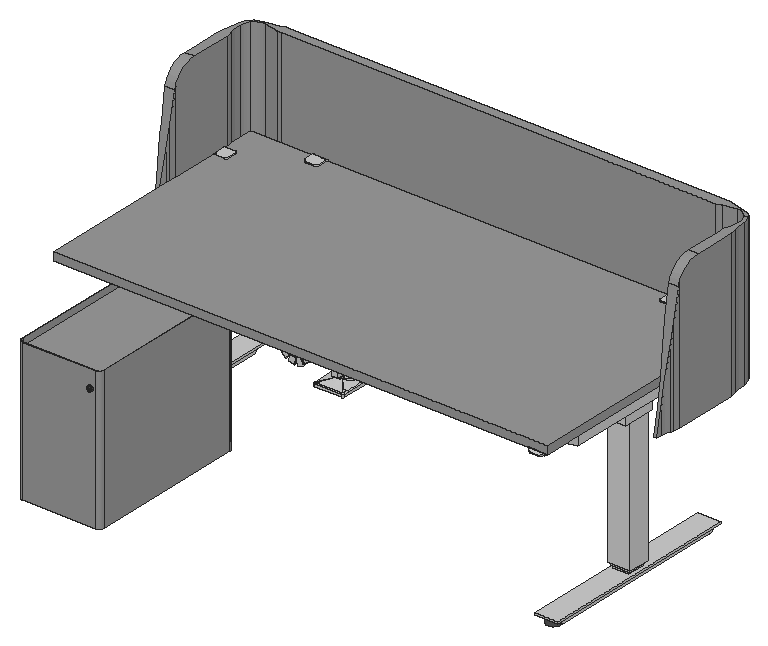
Revit family "Haworth_HiYa_MotorDriven_Rectangle_Desk_EU_PRELIMINARY", category Furniture Systems, Revit 2018 (continued)
Definition of nested family "Haworth_CableChain_PART"
  Forms (cm)
    Extrusion 25, solid, material <- "Cable Finish"
      sketch origin (-9.6866, 0, -45.4471) x (1, 0, 0) y (0, 1, 0)
        loop
          arc (-30.2834, 8.1035) -> (-29.7912, 8.4282) -> (-29.7561, 9.0168) r 0.6587
          line (-29.7561, 9.0168) -> (-29.2212, 9.3641) -> (-29.2212, 11.1583) -> (-31.4914, 11.1583) -> (-31.4914, 9.0168) -> (-31.2731, 9.0168) -> (-31.2731, 10.94) -> (-29.4395, 10.94) -> (-29.4395, 9.4826) -> (-29.8756, 9.1995)
          arc (-29.8756, 9.1995) -> (-30.0829, 9.3502) -> (-30.3323, 9.4092) r 0.6506
          arc (-30.3323, 9.4092) -> (-30.8947, 9.1248) -> (-30.9565, 8.4975) r 0.6547
          line (-30.9565, 8.4975) -> (-31.4914, 8.1501) -> (-31.4914, 6.356)
        loop
          line (-30.7108, 8.3818) -> (-30.0071, 8.3818) -> (-30.0071, 9.114) -> (-30.7108, 9.114) -> (-30.7108, 8.3818)
      from 58.8372 to 60.9328
    Extrusion 26, solid, material <- "Cable Finish"
      sketch origin (-9.6866, 0, -48.1702) x (1, 0, 0) y (0, 1, 0)
        loop
          line (-31.4914, 6.356) -> (-29.2212, 6.356) -> (-29.2212, 8.4975) -> (-29.4395, 8.4975) -> (-29.4395, 6.5743) -> (-31.2731, 6.5743) -> (-31.2731, 8.0316) -> (-30.8348, 8.3162) -> (-30.7166, 8.3162)
          arc (-30.7166, 8.3162) -> (-30.5227, 8.1637) -> (-30.2834, 8.1035) r 0.5925
          arc (-30.2834, 8.1035) -> (-29.7912, 8.4282) -> (-29.7561, 9.0168) r 0.6587
          line (-29.7561, 9.0168) -> (-29.2212, 9.3641) -> (-29.2212, 11.1583) -> (-31.4914, 11.1583) -> (-31.4914, 9.0168) -> (-31.2731, 9.0168) -> (-31.2731, 10.94) -> (-29.4395, 10.94) -> (-29.4395, 9.4826) -> (-29.8756, 9.1995)
          arc (-29.8756, 9.1995) -> (-30.0829, 9.3502) -> (-30.3323, 9.4092) r 0.6506
          arc (-30.3323, 9.4092) -> (-30.8947, 9.1248) -> (-30.9565, 8.4975) r 0.6547
          line (-30.9565, 8.4975) -> (-31.4914, 8.1501) -> (-31.4914, 6.356)
        loop
          line (-30.7108, 8.3818) -> (-30.0071, 8.3818) -> (-30.0071, 9.114) -> (-30.7108, 9.114) -> (-30.7108, 8.3818)
      from 58.8372 to 60.9328
    Extrusion 27, solid, material <- "Cable Finish"
      sketch origin (-19.3914, 0, -40.842) x (1, 0, 0) y (0, 1, 0)
        loop
          line (-31.4914, 6.356) -> (-29.2212, 6.356) -> (-29.2212, 8.4975) -> (-29.4395, 8.4975) -> (-29.4395, 6.5743) -> (-31.2731, 6.5743) -> (-31.2731, 8.0316) -> (-30.8348, 8.3162) -> (-30.7166, 8.3162)
          arc (-30.7166, 8.3162) -> (-30.5227, 8.1637) -> (-30.2834, 8.1035) r 0.5925
          arc (-30.2834, 8.1035) -> (-29.7912, 8.4282) -> (-29.7561, 9.0168) r 0.6587
          line (-29.7561, 9.0168) -> (-29.2212, 9.3641) -> (-29.2212, 11.1583) -> (-31.4914, 11.1583) -> (-31.4914, 9.0168) -> (-31.2731, 9.0168) -> (-31.2731, 10.94) -> (-29.4395, 10.94) -> (-29.4395, 9.4826) -> (-29.8756, 9.1995)
          arc (-29.8756, 9.1995) -> (-30.0829, 9.3502) -> (-30.3323, 9.4092) r 0.6506
          arc (-30.3323, 9.4092) -> (-30.8947, 9.1248) -> (-30.9565, 8.4975) r 0.6547
          line (-30.9565, 8.4975) -> (-31.4914, 8.1501) -> (-31.4914, 6.356)
        loop
          line (-30.7108, 8.3818) -> (-30.0071, 8.3818) -> (-30.0071, 9.114) -> (-30.7108, 9.114) -> (-30.7108, 8.3818)
      from 58.8372 to 60.9328
    Extrusion 28, solid, material <- "Cable Finish"
      sketch origin (-19.3914, 0, -43.5651) x (1, 0, 0) y (0, 1, 0)
        loop
          line (-31.4914, 6.356) -> (-29.2212, 6.356) -> (-29.2212, 8.4975) -> (-29.4395, 8.4975) -> (-29.4395, 6.5743) -> (-31.2731, 6.5743) -> (-31.2731, 8.0316) -> (-30.8348, 8.3162) -> (-30.7166, 8.3162)
          arc (-30.7166, 8.3162) -> (-30.5227, 8.1637) -> (-30.2834, 8.1035) r 0.5925
          arc (-30.2834, 8.1035) -> (-29.7912, 8.4282) -> (-29.7561, 9.0168) r 0.6587
          line (-29.7561, 9.0168) -> (-29.2212, 9.3641) -> (-29.2212, 11.1583) -> (-31.4914, 11.1583) -> (-31.4914, 9.0168) -> (-31.2731, 9.0168) -> (-31.2731, 10.94) -> (-29.4395, 10.94) -> (-29.4395, 9.4826) -> (-29.8756, 9.1995)
          arc (-29.8756, 9.1995) -> (-30.0829, 9.3502) -> (-30.3323, 9.4092) r 0.6506
          arc (-30.3323, 9.4092) -> (-30.8947, 9.1248) -> (-30.9565, 8.4975) r 0.6547
          line (-30.9565, 8.4975) -> (-31.4914, 8.1501) -> (-31.4914, 6.356)
        loop
          line (-30.7108, 8.3818) -> (-30.0071, 8.3818) -> (-30.0071, 9.114) -> (-30.7108, 9.114) -> (-30.7108, 8.3818)
      from 58.8372 to 60.9328
    Extrusion 29, solid, material <- "Cable Finish"
      sketch origin (-19.3914, 0, -46.3088) x (1, 0, 0) y (0, 1, 0)
        loop
          line (-31.4914, 6.356) -> (-29.2212, 6.356) -> (-29.2212, 8.4975) -> (-29.4395, 8.4975) -> (-29.4395, 6.5743) -> (-31.2731, 6.5743) -> (-31.2731, 8.0316) -> (-30.8348, 8.3162) -> (-30.7166, 8.3162)
          arc (-30.7166, 8.3162) -> (-30.5227, 8.1637) -> (-30.2834, 8.1035) r 0.5925
          arc (-30.2834, 8.1035) -> (-29.7912, 8.4282) -> (-29.7561, 9.0168) r 0.6587
          line (-29.7561, 9.0168) -> (-29.2212, 9.3641) -> (-29.2212, 11.1583) -> (-31.4914, 11.1583) -> (-31.4914, 9.0168) -> (-31.2731, 9.0168) -> (-31.2731, 10.94) -> (-29.4395, 10.94) -> (-29.4395, 9.4826) -> (-29.8756, 9.1995)
          arc (-29.8756, 9.1995) -> (-30.0829, 9.3502) -> (-30.3323, 9.4092) r 0.6506
          arc (-30.3323, 9.4092) -> (-30.8947, 9.1248) -> (-30.9565, 8.4975) r 0.6547
          line (-30.9565, 8.4975) -> (-31.4914, 8.1501) -> (-31.4914, 6.356)
        loop
          line (-30.7108, 8.3818) -> (-30.0071, 8.3818) -> (-30.0071, 9.114) -> (-30.7108, 9.114) -> (-30.7108, 8.3818)
      from 58.8372 to 60.9328
    Extrusion 30, solid, material <- "Cable Finish"
      sketch origin (-19.3915, 0, -49.0319) x (1, 0, 0) y (0, 1, 0)
        loop
          line (-31.4914, 6.356) -> (-29.2212, 6.356) -> (-29.2212, 8.4975) -> (-29.4395, 8.4975) -> (-29.4395, 6.5743) -> (-31.2731, 6.5743) -> (-31.2731, 8.0316) -> (-30.8348, 8.3162) -> (-30.7166, 8.3162)
          arc (-30.7166, 8.3162) -> (-30.5227, 8.1637) -> (-30.2834, 8.1035) r 0.5925
          arc (-30.2834, 8.1035) -> (-29.7912, 8.4282) -> (-29.7561, 9.0168) r 0.6587
          line (-29.7561, 9.0168) -> (-29.2212, 9.3641) -> (-29.2212, 11.1583) -> (-31.4914, 11.1583) -> (-31.4914, 9.0168) -> (-31.2731, 9.0168) -> (-31.2731, 10.94) -> (-29.4395, 10.94) -> (-29.4395, 9.4826) -> (-29.8756, 9.1995)
          arc (-29.8756, 9.1995) -> (-30.0829, 9.3502) -> (-30.3323, 9.4092) r 0.6506
          arc (-30.3323, 9.4092) -> (-30.8947, 9.1248) -> (-30.9565, 8.4975) r 0.6547
          line (-30.9565, 8.4975) -> (-31.4914, 8.1501) -> (-31.4914, 6.356)
        loop
          line (-30.7108, 8.3818) -> (-30.0071, 8.3818) -> (-30.0071, 9.114) -> (-30.7108, 9.114) -> (-30.7108, 8.3818)
      from 58.8372 to 60.9328
    Extrusion 31, solid, material <- "Cable Finish"
      sketch origin (-19.3914, 0, -51.755) x (1, 0, 0) y (0, 1, 0)
        loop
          line (-31.4914, 6.356) -> (-29.2212, 6.356) -> (-29.2212, 8.4975) -> (-29.4395, 8.4975) -> (-29.4395, 6.5743) -> (-31.2731, 6.5743) -> (-31.2731, 8.0316) -> (-30.8348, 8.3162) -> (-30.7166, 8.3162)
          arc (-30.7166, 8.3162) -> (-30.5227, 8.1637) -> (-30.2834, 8.1035) r 0.5925
          arc (-30.2834, 8.1035) -> (-29.7912, 8.4282) -> (-29.7561, 9.0168) r 0.6587
          line (-29.7561, 9.0168) -> (-29.2212, 9.3641) -> (-29.2212, 11.1583) -> (-31.4914, 11.1583) -> (-31.4914, 9.0168) -> (-31.2731, 9.0168) -> (-31.2731, 10.94) -> (-29.4395, 10.94) -> (-29.4395, 9.4826) -> (-29.8756, 9.1995)
          arc (-29.8756, 9.1995) -> (-30.0829, 9.3502) -> (-30.3323, 9.4092) r 0.6506
          arc (-30.3323, 9.4092) -> (-30.8947, 9.1248) -> (-30.9565, 8.4975) r 0.6547
          line (-30.9565, 8.4975) -> (-31.4914, 8.1501) -> (-31.4914, 6.356)
        loop
          line (-30.7108, 8.3818) -> (-30.0071, 8.3818) -> (-30.0071, 9.114) -> (-30.7108, 9.114) -> (-30.7108, 8.3818)
      from 58.8372 to 60.9328
    Extrusion 32, solid, material <- "Cable Finish"
      sketch origin (-19.3915, 0, -54.4781) x (1, 0, 0) y (0, 1, 0)
        loop
          line (-31.4914, 6.356) -> (-29.2212, 6.356) -> (-29.2212, 8.4975) -> (-29.4395, 8.4975) -> (-29.4395, 6.5743) -> (-31.2731, 6.5743) -> (-31.2731, 8.0316) -> (-30.8348, 8.3162) -> (-30.7166, 8.3162)
          arc (-30.7166, 8.3162) -> (-30.5227, 8.1637) -> (-30.2834, 8.1035) r 0.5925
          arc (-30.2834, 8.1035) -> (-29.7912, 8.4282) -> (-29.7561, 9.0168) r 0.6587
          line (-29.7561, 9.0168) -> (-29.2212, 9.3641) -> (-29.2212, 11.1583) -> (-31.4914, 11.1583) -> (-31.4914, 9.0168) -> (-31.2731, 9.0168) -> (-31.2731, 10.94) -> (-29.4395, 10.94) -> (-29.4395, 9.4826) -> (-29.8756, 9.1995)
          arc (-29.8756, 9.1995) -> (-30.0829, 9.3502) -> (-30.3323, 9.4092) r 0.6506
          arc (-30.3323, 9.4092) -> (-30.8947, 9.1248) -> (-30.9565, 8.4975) r 0.6547
          line (-30.9565, 8.4975) -> (-31.4914, 8.1501) -> (-31.4914, 6.356)
        loop
          line (-30.7108, 8.3818) -> (-30.0071, 8.3818) -> (-30.0071, 9.114) -> (-30.7108, 9.114) -> (-30.7108, 8.3818)
      from 58.8372 to 60.9328
    Extrusion 33, solid, material <- "Cable Finish"
      sketch origin (-19.3795, 0, -35.4644) x (1, 0, 0) y (0, 1, 0)
        loop
          line (-31.4914, 6.356) -> (-29.2212, 6.356) -> (-29.2212, 8.4975) -> (-29.4395, 8.4975) -> (-29.4395, 6.5743) -> (-31.2731, 6.5743) -> (-31.2731, 8.0316) -> (-30.8348, 8.3162) -> (-30.7166, 8.3162)
          arc (-30.7166, 8.3162) -> (-30.5227, 8.1637) -> (-30.2834, 8.1035) r 0.5925
          arc (-30.2834, 8.1035) -> (-29.7912, 8.4282) -> (-29.7561, 9.0168) r 0.6587
          line (-29.7561, 9.0168) -> (-29.2212, 9.3641) -> (-29.2212, 11.1583) -> (-31.4914, 11.1583) -> (-31.4914, 9.0168) -> (-31.2731, 9.0168) -> (-31.2731, 10.94) -> (-29.4395, 10.94) -> (-29.4395, 9.4826) -> (-29.8756, 9.1995)
          arc (-29.8756, 9.1995) -> (-30.0829, 9.3502) -> (-30.3323, 9.4092) r 0.6506
          arc (-30.3323, 9.4092) -> (-30.8947, 9.1248) -> (-30.9565, 8.4975) r 0.6547
          line (-30.9565, 8.4975) -> (-31.4914, 8.1501) -> (-31.4914, 6.356)
        loop
          line (-30.7108, 8.3818) -> (-30.0071, 8.3818) -> (-30.0071, 9.114) -> (-30.7108, 9.114) -> (-30.7108, 8.3818)
      from 58.8372 to 60.9328
    Extrusion 34, solid, material <- "Cable Finish"
      sketch origin (-19.3795, 0, -38.1875) x (1, 0, 0) y (0, 1, 0)
        loop
          line (-31.4914, 6.356) -> (-29.2212, 6.356) -> (-29.2212, 8.4975) -> (-29.4395, 8.4975) -> (-29.4395, 6.5743) -> (-31.2731, 6.5743) -> (-31.2731, 8.0316) -> (-30.8348, 8.3162) -> (-30.7166, 8.3162)
          arc (-30.7166, 8.3162) -> (-30.5227, 8.1637) -> (-30.2834, 8.1035) r 0.5925
          arc (-30.2834, 8.1035) -> (-29.7912, 8.4282) -> (-29.7561, 9.0168) r 0.6587
          line (-29.7561, 9.0168) -> (-29.2212, 9.3641) -> (-29.2212, 11.1583) -> (-31.4914, 11.1583) -> (-31.4914, 9.0168) -> (-31.2731, 9.0168) -> (-31.2731, 10.94) -> (-29.4395, 10.94) -> (-29.4395, 9.4826) -> (-29.8756, 9.1995)
          arc (-29.8756, 9.1995) -> (-30.0829, 9.3502) -> (-30.3323, 9.4092) r 0.6506
          arc (-30.3323, 9.4092) -> (-30.8947, 9.1248) -> (-30.9565, 8.4975) r 0.6547
          line (-30.9565, 8.4975) -> (-31.4914, 8.1501) -> (-31.4914, 6.356)
        loop
          line (-30.7108, 8.3818) -> (-30.0071, 8.3818) -> (-30.0071, 9.114) -> (-30.7108, 9.114) -> (-30.7108, 8.3818)
      from 58.8372 to 60.9328
    Extrusion 35, solid, material <- "Cable Finish"
      sketch origin (-57.4915, 0, 93.765) x (-0.939693, 0, 0.34202) y (0, 1, 0)
        loop
          line (-31.4914, 6.356) -> (-29.2212, 6.356) -> (-29.2212, 8.4975) -> (-29.4395, 8.4975) -> (-29.4395, 6.5743) -> (-31.2731, 6.5743) -> (-31.2731, 8.0316) -> (-30.8348, 8.3162) -> (-30.7166, 8.3162)
          arc (-30.7166, 8.3162) -> (-30.5227, 8.1637) -> (-30.2834, 8.1035) r 0.5925
          arc (-30.2834, 8.1035) -> (-29.7912, 8.4282) -> (-29.7561, 9.0168) r 0.6587
          line (-29.7561, 9.0168) -> (-29.2212, 9.3641) -> (-29.2212, 11.1583) -> (-31.4914, 11.1583) -> (-31.4914, 9.0168) -> (-31.2731, 9.0168) -> (-31.2731, 10.94) -> (-29.4395, 10.94) -> (-29.4395, 9.4826) -> (-29.8756, 9.1995)
          arc (-29.8756, 9.1995) -> (-30.0829, 9.3502) -> (-30.3323, 9.4092) r 0.6506
          arc (-30.3323, 9.4092) -> (-30.8947, 9.1248) -> (-30.9565, 8.4975) r 0.6547
          line (-30.9565, 8.4975) -> (-31.4914, 8.1501) -> (-31.4914, 6.356)
        loop
          line (-30.7108, 8.3818) -> (-30.0071, 8.3818) -> (-30.0071, 9.114) -> (-30.7108, 9.114) -> (-30.7108, 8.3818)
      from 58.8372 to 60.9328
    Extrusion 36, solid, material <- "Cable Finish"
      sketch origin (-45.6328, 0, 94.8873) x (0.857167, 0, 0.515038) y (0, -1, 0)
        loop
          line (-31.4914, -6.356) -> (-31.4914, -8.1501) -> (-30.9565, -8.4975)
          arc (-30.9565, -8.4975) -> (-30.8947, -9.1248) -> (-30.3323, -9.4092) r 0.6547
          arc (-30.3323, -9.4092) -> (-30.0829, -9.3502) -> (-29.8756, -9.1995) r 0.6506
          line (-29.8756, -9.1995) -> (-29.4395, -9.4826) -> (-29.4395, -10.94) -> (-31.2731, -10.94) -> (-31.2731, -9.0168) -> (-31.4914, -9.0168) -> (-31.4914, -11.1583) -> (-29.2212, -11.1583) -> (-29.2212, -9.3641) -> (-29.7561, -9.0168)
          arc (-29.7561, -9.0168) -> (-29.7912, -8.4282) -> (-30.2834, -8.1035) r 0.6587
          arc (-30.2834, -8.1035) -> (-30.5227, -8.1637) -> (-30.7166, -8.3162) r 0.5925
          line (-30.7166, -8.3162) -> (-30.8348, -8.3162) -> (-31.2731, -8.0316) -> (-31.2731, -6.5743) -> (-29.4395, -6.5743) -> (-29.4395, -8.4975) -> (-29.2212, -8.4975) -> (-29.2212, -6.356) -> (-31.4914, -6.356)
        loop
          line (-30.7108, -8.3818) -> (-30.7108, -9.114) -> (-30.0071, -9.114) -> (-30.0071, -8.3818) -> (-30.7108, -8.3818)
      from 58.8372 to 60.9328
    Extrusion 37, solid, material <- "Cable Finish"
      sketch origin (-20.0024, 0, 90.373) x (-0.623858, 0, 0.781538) y (0, 1, 0)
        loop
          line (-31.4914, 6.356) -> (-29.2212, 6.356) -> (-29.2212, 8.4975) -> (-29.4395, 8.4975) -> (-29.4395, 6.5743) -> (-31.2731, 6.5743) -> (-31.2731, 8.0316) -> (-30.8348, 8.3162) -> (-30.7166, 8.3162)
          arc (-30.7166, 8.3162) -> (-30.5227, 8.1637) -> (-30.2834, 8.1035) r 0.5925
          arc (-30.2834, 8.1035) -> (-29.7912, 8.4282) -> (-29.7561, 9.0168) r 0.6587
          line (-29.7561, 9.0168) -> (-29.2212, 9.3641) -> (-29.2212, 11.1583) -> (-31.4914, 11.1583) -> (-31.4914, 9.0168) -> (-31.2731, 9.0168) -> (-31.2731, 10.94) -> (-29.4395, 10.94) -> (-29.4395, 9.4826) -> (-29.8756, 9.1995)
          arc (-29.8756, 9.1995) -> (-30.0829, 9.3502) -> (-30.3323, 9.4092) r 0.6506
          arc (-30.3323, 9.4092) -> (-30.8947, 9.1248) -> (-30.9565, 8.4975) r 0.6547
          line (-30.9565, 8.4975) -> (-31.4914, 8.1501) -> (-31.4914, 6.356)
        loop
          line (-30.7108, 8.3818) -> (-30.0071, 8.3818) -> (-30.0071, 9.114) -> (-30.7108, 9.114) -> (-30.7108, 8.3818)
      from 58.8372 to 60.9328
    Extrusion 38, solid, material <- "Cable Finish"
      sketch origin (-80.9365, 0, 85.0021) x (0.476505, 0, 0.879172) y (0, -1, 0)
        loop
          line (-31.4914, -6.356) -> (-31.4914, -8.1501) -> (-30.9565, -8.4975)
          arc (-30.9565, -8.4975) -> (-30.8947, -9.1248) -> (-30.3323, -9.4092) r 0.6547
          arc (-30.3323, -9.4092) -> (-30.0829, -9.3502) -> (-29.8756, -9.1995) r 0.6506
          line (-29.8756, -9.1995) -> (-29.4395, -9.4826) -> (-29.4395, -10.94) -> (-31.2731, -10.94) -> (-31.2731, -9.0168) -> (-31.4914, -9.0168) -> (-31.4914, -11.1583) -> (-29.2212, -11.1583) -> (-29.2212, -9.3641) -> (-29.7561, -9.0168)
          arc (-29.7561, -9.0168) -> (-29.7912, -8.4282) -> (-30.2834, -8.1035) r 0.6587
          arc (-30.2834, -8.1035) -> (-30.5227, -8.1637) -> (-30.7166, -8.3162) r 0.5925
          line (-30.7166, -8.3162) -> (-30.8348, -8.3162) -> (-31.2731, -8.0316) -> (-31.2731, -6.5743) -> (-29.4395, -6.5743) -> (-29.4395, -8.4975) -> (-29.2212, -8.4975) -> (-29.2212, -6.356) -> (-31.4914, -6.356)
        loop
          line (-30.7108, -8.3818) -> (-30.7108, -9.114) -> (-30.0071, -9.114) -> (-30.0071, -8.3818) -> (-30.7108, -8.3818)
      from 58.8372 to 60.9328
    Extrusion 39, solid, material <- "Cable Finish"
      sketch origin (17.3453, 0, 6.3603) x (0.104406, 0, -0.994535) y (0, -1, 0)
        loop
          line (-31.4914, -6.356) -> (-31.4914, -8.1501) -> (-30.9565, -8.4975)
          arc (-30.9565, -8.4975) -> (-30.8947, -9.1248) -> (-30.3323, -9.4092) r 0.6547
          arc (-30.3323, -9.4092) -> (-30.0829, -9.3502) -> (-29.8756, -9.1995) r 0.6506
          line (-29.8756, -9.1995) -> (-29.4395, -9.4826) -> (-29.4395, -10.94) -> (-31.2731, -10.94) -> (-31.2731, -9.0168) -> (-31.4914, -9.0168) -> (-31.4914, -11.1583) -> (-29.2212, -11.1583) -> (-29.2212, -9.3641) -> (-29.7561, -9.0168)
          arc (-29.7561, -9.0168) -> (-29.7912, -8.4282) -> (-30.2834, -8.1035) r 0.6587
          arc (-30.2834, -8.1035) -> (-30.5227, -8.1637) -> (-30.7166, -8.3162) r 0.5925
          line (-30.7166, -8.3162) -> (-30.8348, -8.3162) -> (-31.2731, -8.0316) -> (-31.2731, -6.5743) -> (-29.4395, -6.5743) -> (-29.4395, -8.4975) -> (-29.2212, -8.4975) -> (-29.2212, -6.356) -> (-31.4914, -6.356)
        loop
          line (-30.7108, -8.3818) -> (-30.7108, -9.114) -> (-30.0071, -9.114) -> (-30.0071, -8.3818) -> (-30.7108, -8.3818)
      from 58.8372 to 60.9328
    Extrusion 40, solid, material <- "Cable Finish"
      sketch origin (-67.1881, 0, -52.4419) x (-0.998612, 0, -0.052672) y (0, -1, 0)
        loop
          line (-31.4914, -6.356) -> (-31.4914, -8.1501) -> (-30.9565, -8.4975)
          arc (-30.9565, -8.4975) -> (-30.8947, -9.1248) -> (-30.3323, -9.4092) r 0.6547
          arc (-30.3323, -9.4092) -> (-30.0829, -9.3502) -> (-29.8756, -9.1995) r 0.6506
          line (-29.8756, -9.1995) -> (-29.4395, -9.4826) -> (-29.4395, -10.94) -> (-31.2731, -10.94) -> (-31.2731, -9.0168) -> (-31.4914, -9.0168) -> (-31.4914, -11.1583) -> (-29.2212, -11.1583) -> (-29.2212, -9.3641) -> (-29.7561, -9.0168)
          arc (-29.7561, -9.0168) -> (-29.7912, -8.4282) -> (-30.2834, -8.1035) r 0.6587
          arc (-30.2834, -8.1035) -> (-30.5227, -8.1637) -> (-30.7166, -8.3162) r 0.5925
          line (-30.7166, -8.3162) -> (-30.8348, -8.3162) -> (-31.2731, -8.0316) -> (-31.2731, -6.5743) -> (-29.4395, -6.5743) -> (-29.4395, -8.4975) -> (-29.2212, -8.4975) -> (-29.2212, -6.356) -> (-31.4914, -6.356)
        loop
          line (-30.7108, -8.3818) -> (-30.7108, -9.114) -> (-30.0071, -9.114) -> (-30.0071, -8.3818) -> (-30.7108, -8.3818)
      from 58.8372 to 60.9328
    Extrusion 41, solid, material <- "Cable Finish"
      sketch origin (-27.8223, 0, -59.7521) x (-0.803055, 0, -0.595905) y (0, -1, 0)
        loop
          line (-31.4914, -6.356) -> (-31.4914, -8.1501) -> (-30.9565, -8.4975)
          arc (-30.9565, -8.4975) -> (-30.8947, -9.1248) -> (-30.3323, -9.4092) r 0.6547
          arc (-30.3323, -9.4092) -> (-30.0829, -9.3502) -> (-29.8756, -9.1995) r 0.6506
          line (-29.8756, -9.1995) -> (-29.4395, -9.4826) -> (-29.4395, -10.94) -> (-31.2731, -10.94) -> (-31.2731, -9.0168) -> (-31.4914, -9.0168) -> (-31.4914, -11.1583) -> (-29.2212, -11.1583) -> (-29.2212, -9.3641) -> (-29.7561, -9.0168)
          arc (-29.7561, -9.0168) -> (-29.7912, -8.4282) -> (-30.2834, -8.1035) r 0.6587
          arc (-30.2834, -8.1035) -> (-30.5227, -8.1637) -> (-30.7166, -8.3162) r 0.5925
          line (-30.7166, -8.3162) -> (-30.8348, -8.3162) -> (-31.2731, -8.0316) -> (-31.2731, -6.5743) -> (-29.4395, -6.5743) -> (-29.4395, -8.4975) -> (-29.2212, -8.4975) -> (-29.2212, -6.356) -> (-31.4914, -6.356)
        loop
          line (-30.7108, -8.3818) -> (-30.7108, -9.114) -> (-30.0071, -9.114) -> (-30.0071, -8.3818) -> (-30.7108, -8.3818)
      from 58.8372 to 60.9328
    Extrusion 42, solid, material <- "Cable Finish"
      sketch origin (29.7104, 0, 12.5834) x (0.346116, 0, 0.938192) y (0, 1, 0)
        loop
          line (-31.4914, 6.356) -> (-29.2212, 6.356) -> (-29.2212, 8.4975) -> (-29.4395, 8.4975) -> (-29.4395, 6.5743) -> (-31.2731, 6.5743) -> (-31.2731, 8.0316) -> (-30.8348, 8.3162) -> (-30.7166, 8.3162)
          arc (-30.7166, 8.3162) -> (-30.5227, 8.1637) -> (-30.2834, 8.1035) r 0.5925
          arc (-30.2834, 8.1035) -> (-29.7912, 8.4282) -> (-29.7561, 9.0168) r 0.6587
          line (-29.7561, 9.0168) -> (-29.2212, 9.3641) -> (-29.2212, 11.1583) -> (-31.4914, 11.1583) -> (-31.4914, 9.0168) -> (-31.2731, 9.0168) -> (-31.2731, 10.94) -> (-29.4395, 10.94) -> (-29.4395, 9.4826) -> (-29.8756, 9.1995)
          arc (-29.8756, 9.1995) -> (-30.0829, 9.3502) -> (-30.3323, 9.4092) r 0.6506
          arc (-30.3323, 9.4092) -> (-30.8947, 9.1248) -> (-30.9565, 8.4975) r 0.6547
          line (-30.9565, 8.4975) -> (-31.4914, 8.1501) -> (-31.4914, 6.356)
        loop
          line (-30.7108, 8.3818) -> (-30.0071, 8.3818) -> (-30.0071, 9.114) -> (-30.7108, 9.114) -> (-30.7108, 8.3818)
      from 58.8372 to 60.9328
    Extrusion 43, solid, material <- "Cable Finish"
      sketch origin (-16.5325, 0, -57.5191) x (0.966546, 0, -0.256495) y (0, 1, 0)
        loop
          line (-31.4914, 6.356) -> (-29.2212, 6.356) -> (-29.2212, 8.4975) -> (-29.4395, 8.4975) -> (-29.4395, 6.5743) -> (-31.2731, 6.5743) -> (-31.2731, 8.0316) -> (-30.8348, 8.3162) -> (-30.7166, 8.3162)
          arc (-30.7166, 8.3162) -> (-30.5227, 8.1637) -> (-30.2834, 8.1035) r 0.5925
          arc (-30.2834, 8.1035) -> (-29.7912, 8.4282) -> (-29.7561, 9.0168) r 0.6587
          line (-29.7561, 9.0168) -> (-29.2212, 9.3641) -> (-29.2212, 11.1583) -> (-31.4914, 11.1583) -> (-31.4914, 9.0168) -> (-31.2731, 9.0168) -> (-31.2731, 10.94) -> (-29.4395, 10.94) -> (-29.4395, 9.4826) -> (-29.8756, 9.1995)
          arc (-29.8756, 9.1995) -> (-30.0829, 9.3502) -> (-30.3323, 9.4092) r 0.6506
          arc (-30.3323, 9.4092) -> (-30.8947, 9.1248) -> (-30.9565, 8.4975) r 0.6547
          line (-30.9565, 8.4975) -> (-31.4914, 8.1501) -> (-31.4914, 6.356)
        loop
          line (-30.7108, 8.3818) -> (-30.0071, 8.3818) -> (-30.0071, 9.114) -> (-30.7108, 9.114) -> (-30.7108, 8.3818)
      from 58.8372 to 60.9328
    Extrusion 44, solid, material <- "Cable Finish"
      sketch origin (-54.9422, 0, -57.2429) x (0.68264, 0, -0.730755) y (0, 1, 0)
        loop
          line (-31.4914, 6.356) -> (-29.2212, 6.356) -> (-29.2212, 8.4975) -> (-29.4395, 8.4975) -> (-29.4395, 6.5743) -> (-31.2731, 6.5743) -> (-31.2731, 8.0316) -> (-30.8348, 8.3162) -> (-30.7166, 8.3162)
          arc (-30.7166, 8.3162) -> (-30.5227, 8.1637) -> (-30.2834, 8.1035) r 0.5925
          arc (-30.2834, 8.1035) -> (-29.7912, 8.4282) -> (-29.7561, 9.0168) r 0.6587
          line (-29.7561, 9.0168) -> (-29.2212, 9.3641) -> (-29.2212, 11.1583) -> (-31.4914, 11.1583) -> (-31.4914, 9.0168) -> (-31.2731, 9.0168) -> (-31.2731, 10.94) -> (-29.4395, 10.94) -> (-29.4395, 9.4826) -> (-29.8756, 9.1995)
          arc (-29.8756, 9.1995) -> (-30.0829, 9.3502) -> (-30.3323, 9.4092) r 0.6506
          arc (-30.3323, 9.4092) -> (-30.8947, 9.1248) -> (-30.9565, 8.4975) r 0.6547
          line (-30.9565, 8.4975) -> (-31.4914, 8.1501) -> (-31.4914, 6.356)
        loop
          line (-30.7108, 8.3818) -> (-30.0071, 8.3818) -> (-30.0071, 9.114) -> (-30.7108, 9.114) -> (-30.7108, 8.3818)
      from 58.8372 to 60.9328
    Extrusion 45, solid, material <- "Cable Finish"
      sketch origin (-98.832, 0, 23.1037) x (-0.188913, 0, 0.981994) y (0, -1, 0)
        loop
          line (-31.4914, -6.356) -> (-31.4914, -8.1501) -> (-30.9565, -8.4975)
          arc (-30.9565, -8.4975) -> (-30.8947, -9.1248) -> (-30.3323, -9.4092) r 0.6547
          arc (-30.3323, -9.4092) -> (-30.0829, -9.3502) -> (-29.8756, -9.1995) r 0.6506
          line (-29.8756, -9.1995) -> (-29.4395, -9.4826) -> (-29.4395, -10.94) -> (-31.2731, -10.94) -> (-31.2731, -9.0168) -> (-31.4914, -9.0168) -> (-31.4914, -11.1583) -> (-29.2212, -11.1583) -> (-29.2212, -9.3641) -> (-29.7561, -9.0168)
          arc (-29.7561, -9.0168) -> (-29.7912, -8.4282) -> (-30.2834, -8.1035) r 0.6587
          arc (-30.2834, -8.1035) -> (-30.5227, -8.1637) -> (-30.7166, -8.3162) r 0.5925
          line (-30.7166, -8.3162) -> (-30.8348, -8.3162) -> (-31.2731, -8.0316) -> (-31.2731, -6.5743) -> (-29.4395, -6.5743) -> (-29.4395, -8.4975) -> (-29.2212, -8.4975) -> (-29.2212, -6.356) -> (-31.4914, -6.356)
        loop
          line (-30.7108, -8.3818) -> (-30.7108, -9.114) -> (-30.0071, -9.114) -> (-30.0071, -8.3818) -> (-30.7108, -8.3818)
      from 58.8372 to 60.9328
    Extrusion 46, solid, material <- "Cable Finish"
      sketch origin (0, 0, 0) x (1, 0, 0) y (0, 1, 0)
        loop
          line (-44.156, 3.9848) -> (-44.156, 14.0488)
          arc (-44.156, 14.0488) -> (-44.3024, 14.4023) -> (-44.656, 14.5488) r 0.5
          line (-44.656, 14.5488) -> (-54.72, 14.5488)
          arc (-54.72, 14.5488) -> (-55.0735, 14.4023) -> (-55.22, 14.0488) r 0.5
          line (-55.22, 14.0488) -> (-55.22, 3.9848)
          arc (-55.22, 3.9848) -> (-55.0735, 3.6312) -> (-54.72, 3.4848) r 0.5
          line (-54.72, 3.4848) -> (-44.656, 3.4848)
          arc (-44.656, 3.4848) -> (-44.3024, 3.6312) -> (-44.156, 3.9848) r 0.5
      from 0.7856 to 1.634
    Blend 47, solid, material <- "Cable Finish"
      base sketch origin (0, 0, 0) x (1, 0, 0) y (0, 1, 0)
        loop
          line (-54.72, 3.4848) -> (-44.656, 3.4848)
          arc (-44.656, 3.4848) -> (-44.3024, 3.6312) -> (-44.156, 3.9848) r 0.5
          line (-44.156, 3.9848) -> (-44.156, 14.0488)
          arc (-44.156, 14.0488) -> (-44.3024, 14.4023) -> (-44.656, 14.5488) r 0.5
          line (-44.656, 14.5488) -> (-54.72, 14.5488)
          arc (-54.72, 14.5488) -> (-55.0735, 14.4023) -> (-55.22, 14.0488) r 0.5
          line (-55.22, 14.0488) -> (-55.22, 3.9848)
          arc (-55.22, 3.9848) -> (-55.0735, 3.6312) -> (-54.72, 3.4848) r 0.5
      top sketch origin (0, 0, 0) x (1, 0, 0) y (0, 1, 0)
        loop
          line (-54.3811, 3.7236) -> (-44.9948, 3.7236)
          arc (-44.9948, 3.7236) -> (-44.5705, 3.8993) -> (-44.3948, 4.3236) r 0.6
          line (-44.3948, 4.3236) -> (-44.3948, 13.7099)
          arc (-44.3948, 13.7099) -> (-44.5705, 14.1342) -> (-44.9948, 14.3099) r 0.6
          line (-44.9948, 14.3099) -> (-54.3811, 14.3099)
          arc (-54.3811, 14.3099) -> (-54.8054, 14.1342) -> (-54.9811, 13.7099) r 0.6
          line (-54.9811, 13.7099) -> (-54.9811, 4.3236)
          arc (-54.9811, 4.3236) -> (-54.8054, 3.8993) -> (-54.3811, 3.7236) r 0.6
      from 1.634 to 1.9888
    Blend 48, solid, material <- "Cable Finish"
      base sketch origin (0, 0, 0) x (1, 0, 0) y (0, 1, 0)
        loop
          line (-44.9948, 14.3099) -> (-54.3811, 14.3099)
          arc (-54.3811, 14.3099) -> (-54.8054, 14.1342) -> (-54.9811, 13.7099) r 0.6
          line (-54.9811, 13.7099) -> (-54.9811, 4.3236)
          arc (-54.9811, 4.3236) -> (-54.8054, 3.8993) -> (-54.3811, 3.7236) r 0.6
          line (-54.3811, 3.7236) -> (-44.9948, 3.7236)
          arc (-44.9948, 3.7236) -> (-44.5705, 3.8993) -> (-44.3948, 4.3236) r 0.6
          line (-44.3948, 4.3236) -> (-44.3948, 13.7099)
          arc (-44.3948, 13.7099) -> (-44.5705, 14.1342) -> (-44.9948, 14.3099) r 0.6
      top sketch origin (0, 0, 0) x (1, 0, 0) y (0, 1, 0)
        loop
          circle (-49.6926, 9.0162) r 0.9731
      from 1.9888 to 2.9664
    Revolve 49, solid, material <- "Cable Finish"
      sketch origin (-0.0074, 9.0162, 0) x (-1, 0, 0) y (0, 0, 1)
        loop
          line (49.6853, 4.3271) -> (49.6853, 2.9664) -> (50.6584, 2.9664) -> (50.4846, 3.0296) -> (50.4065, 3.2152) -> (50.3818, 4.1807)
          arc (50.3818, 4.1807) -> (50.3555, 4.2442) -> (50.292, 4.2705) r 0.0898
          line (50.292, 4.2705) -> (50.0027, 4.2705) -> (49.946, 4.3271) -> (49.6853, 4.3271)
        axis (49.6853, 4.3271) -> (49.6853, 2.9664)
      angle from 0 to 360
    Extrusion 50, solid, material <- "Cable Finish"
      sketch origin (-29.256, 0, 0) x (0, -1, 0) y (0, 0, 1)
        loop
          arc (-8.9881, 62.3705) -> (-8.7309, 61.7849) -> (-8.4738, 62.3705) r 0.3493
          line (-8.4738, 62.3705) -> (-8.4009, 62.5708) -> (-9.061, 62.5708) -> (-8.9881, 62.3705)
      from 0.9022 to 1.6007
    Extrusion 51, solid, material <- "Cable Finish"
      sketch origin (0, 0, 0) x (1, 0, 0) y (0, 1, 0)
        loop
          line (-29.8308, 9.1724) -> (-30.018, 9.3596) -> (-30.9008, 9.3596) -> (-31.0881, 9.1724) -> (-31.0881, 8.2896) -> (-30.9008, 8.1023) -> (-30.0181, 8.1023) -> (-29.8308, 8.2896) -> (-29.8308, 9.1724)
      from 64.5065 to 64.6419
    Extrusion 52, solid, material <- "Cable Finish"
      sketch origin (0, 0, 0) x (1, 0, 0) y (0, 1, 0)
        loop
          line (-30.8334, 8.2158) -> (-30.0855, 8.2158) -> (-29.9443, 8.357) -> (-29.9443, 9.105) -> (-30.0851, 9.2459) -> (-30.8334, 9.2461) -> (-30.9746, 9.1049) -> (-30.9746, 8.357) -> (-30.8334, 8.2158)
      from 62.5725 to 64.5065
  Cuts and joins
    joined: Extrusion 46, Blend 47, Blend 48
  Lines and regions (cm)
    Masking region 1
      outline origin (0, 0, 69.9838) x (-1, 0, 0) y (0, -1, 0)
        loop
          line (55.256, -3.4802) -> (44.1618, -3.4802) -> (44.1618, -6.356) -> (29.256, -6.356) -> (29.256, -11.1583) -> (44.1618, -11.1583) -> (44.1618, -14.4802) -> (55.256, -14.4802) -> (55.256, -3.4802)
  Dimensions and locks (cm)
    locked: plane 2 to plane 1 at 0.75
    equal spacing: plane 4, plane 5, plane 3 "Right"
    equal spacing: plane 6, plane 8, plane 7 "Front"
    "Actual Width": plane 4 to plane 3 "Right"
    "Actual Depth": plane 6 to plane 7 "Front"
    aligned and locked: Masking region 1 sketch curve to plane 4
    aligned and locked: plane 6 to Masking region 1 sketch curve
    aligned and locked: Masking region 1 sketch curve to plane 7 "Front"
    aligned and locked: Extrusion 46 to plane 2
    aligned and locked: Extrusion 51 to plane 9
  Automatic sketch dimensions
    Masking region 1 sketch curve to plane 3 "Right" = 0 cm
    plane 5 to Masking region 1 sketch curve = 1.9058 cm  (x2)
    plane 8 to Masking region 1 sketch curve = 2.1781 cm
    Masking region 1 sketch curve to plane 8 = 2.6242 cm
    plane 3 "Right" to Extrusion 1 sketch curve = 2.2354 cm  (x2)
    Extrusion 1 sketch curve to Extrusion 1 sketch curve = 0.2183 cm  (x4)
    Extrusion 1 sketch curve to plane 8 = 0.4827 cm  (x2)
    Extrusion 1 sketch curve to Extrusion 1 sketch curve = 0.3167 cm
    Extrusion 1 sketch curve to plane 8 = 0.664 cm
    Extrusion 1 sketch curve to Extrusion 1 sketch curve = 0.1216 cm
    Extrusion 1 sketch curve to Extrusion 1 sketch curve = 0.1182 cm
    plane 8 to Extrusion 1 sketch curve = 0.1338 cm
    Extrusion 1 sketch curve to Extrusion 1 sketch curve = 0.5623 cm
    Extrusion 1 sketch curve to plane 8 = 0.2227 cm
    Extrusion 1 sketch curve to Extrusion 1 sketch curve = 0.3491 cm
    Extrusion 1 sketch curve to Extrusion 1 sketch curve = 0.0072 cm
    Extrusion 1 sketch curve to Extrusion 1 sketch curve = 0.0001 cm
    Extrusion 1 sketch curve to Extrusion 1 sketch curve = 0.093 cm
    Extrusion 1 sketch curve to Extrusion 1 sketch curve = 0.2544 cm
    plane 8 to Extrusion 1 sketch curve = 0.2193 cm
    Extrusion 1 sketch curve to Extrusion 1 sketch curve = 0.1316 cm
    plane 8 to Extrusion 1 sketch curve = 0.0365 cm  (x2)
    Extrusion 1 sketch curve to Extrusion 1 sketch curve = 0.1194 cm
    plane 3 "Right" to Extrusion 1 sketch curve = 0.1835 cm  (x2)
    Extrusion 1 sketch curve to plane 3 "Right" = 0.0348 cm  (x2)
    Extrusion 1 sketch curve to Extrusion 1 sketch curve = 0.3474 cm
    Extrusion 1 sketch curve to Extrusion 1 sketch curve = 0.1185 cm  (x2)
    Extrusion 1 sketch curve to Extrusion 1 sketch curve = 1.4573 cm
    Extrusion 1 sketch curve to Extrusion 1 sketch curve = 0.0655 cm
    Extrusion 1 sketch curve to Extrusion 1 sketch curve = 0.062 cm
    Extrusion 1 sketch curve to Extrusion 1 sketch curve = 0.0026 cm
    Extrusion 1 sketch curve to Extrusion 1 sketch curve = 0.004 cm
    plane 8 to Extrusion 1 sketch curve = 0.3839 cm
    Extrusion 1 sketch curve to Extrusion 1 sketch curve = 1.5308 cm
    plane 3 "Right" to Extrusion 2 sketch curve = 0.9072 cm
    plane 3 "Right" to Extrusion 2 sketch curve = 1.0991 cm
    Extrusion 2 sketch curve to Extrusion 2 sketch curve = 0.4032 cm
    Extrusion 2 sketch curve to Extrusion 2 sketch curve = 0.3915 cm
    Extrusion 2 sketch curve to Extrusion 2 sketch curve = 0.7919 cm
    Extrusion 2 sketch curve to Extrusion 2 sketch curve = 0.0215 cm  (x2)
    Extrusion 2 sketch curve to Extrusion 2 sketch curve = 0.7203 cm  (x2)
    Extrusion 2 sketch curve to Extrusion 2 sketch curve = 0.6582 cm
    Extrusion 2 sketch curve to Extrusion 2 sketch curve = 0.179 cm  (x3)
    Extrusion 2 sketch curve to Extrusion 2 sketch curve = 1.5745 cm
    Extrusion 2 sketch curve to Extrusion 2 sketch curve = 0.049 cm
    Extrusion 2 sketch curve to Extrusion 2 sketch curve = 2.0833 cm
    Extrusion 2 sketch curve to Extrusion 2 sketch curve = 0.133 cm
    Extrusion 2 sketch curve to Extrusion 2 sketch curve = 1.2626 cm
    Extrusion 2 sketch curve to Extrusion 2 sketch curve = 0.2488 cm
    Extrusion 2 sketch curve to Extrusion 2 sketch curve = 1.0447 cm
    Extrusion 2 sketch curve to Extrusion 2 sketch curve = 0.349 cm
    Extrusion 2 sketch curve to Extrusion 2 sketch curve = 0.6169 cm
    Extrusion 2 sketch curve to plane 5 = 2.6978 cm
    Extrusion 2 sketch curve to Extrusion 2 sketch curve = 0.4047 cm  (x2)
    Extrusion 2 sketch curve to Extrusion 2 sketch curve = 0.1132 cm
    Extrusion 2 sketch curve to Extrusion 2 sketch curve = 0.3696 cm
    Extrusion 2 sketch curve to Extrusion 2 sketch curve = 0.605 cm
    Extrusion 2 sketch curve to Extrusion 2 sketch curve = 0.3266 cm
    Extrusion 2 sketch curve to plane 5 = 0.7784 cm
    Extrusion 2 sketch curve to Extrusion 2 sketch curve = 0.2684 cm
    plane 5 to Extrusion 2 sketch curve = 0.1823 cm
    plane 5 to Extrusion 2 sketch curve = 0.376 cm
    Extrusion 2 sketch curve to Extrusion 2 sketch curve = 1.097 cm
    Extrusion 2 sketch curve to Extrusion 2 sketch curve = 0.1025 cm
    Extrusion 2 sketch curve to Extrusion 2 sketch curve = 1.646 cm
    Extrusion 2 sketch curve to Extrusion 2 sketch curve = 0.0446 cm
    Extrusion 2 sketch curve to Extrusion 2 sketch curve = 1.564 cm
    Extrusion 2 sketch curve to Extrusion 2 sketch curve = 0.8922 cm  (x2)
    Extrusion 2 sketch curve to Extrusion 2 sketch curve = 0.2548 cm  (x2)
    Extrusion 2 sketch curve to Extrusion 2 sketch curve = 0.7444 cm  (x2)
    Extrusion 2 sketch curve to Extrusion 2 sketch curve = 0.3177 cm  (x2)
    Extrusion 2 sketch curve to Extrusion 2 sketch curve = 0.5676 cm  (x2)
    Extrusion 2 sketch curve to Extrusion 2 sketch curve = 0.3617 cm
    Extrusion 2 sketch curve to Extrusion 2 sketch curve = 0.3658 cm  (x3)
    plane 2 to Extrusion 2 sketch curve = 2.523 cm
    Extrusion 2 sketch curve to plane 4 = 5.7148 cm
    Extrusion 2 sketch curve to Extrusion 2 sketch curve = 0.3968 cm
    Extrusion 2 sketch curve to Extrusion 2 sketch curve = 0.4048 cm  (x2)
    plane 2 to Extrusion 2 sketch curve = 3.6109 cm
    Extrusion 2 sketch curve to Extrusion 2 sketch curve = 0.2441 cm
    Extrusion 2 sketch curve to Extrusion 2 sketch curve = 0.4124 cm
    Extrusion 2 sketch curve to Extrusion 2 sketch curve = 0.151 cm
    Extrusion 2 sketch curve to Extrusion 2 sketch curve = 0.3928 cm
    Extrusion 2 sketch curve to Extrusion 2 sketch curve = 0.4446 cm
    Extrusion 2 sketch curve to Extrusion 2 sketch curve = 0.3225 cm
    Extrusion 2 sketch curve to Extrusion 2 sketch curve = 0.8769 cm
    Extrusion 2 sketch curve to Extrusion 2 sketch curve = 1.1068 cm
    Extrusion 2 sketch curve to Extrusion 2 sketch curve = 0.2256 cm
    Extrusion 2 sketch curve to Extrusion 2 sketch curve = 1.1399 cm
    Extrusion 2 sketch curve to Extrusion 2 sketch curve = 0.1388 cm
    Extrusion 2 sketch curve to Extrusion 2 sketch curve = 1.6432 cm
    Extrusion 2 sketch curve to Extrusion 2 sketch curve = 0.0708 cm
    Extrusion 2 sketch curve to Extrusion 2 sketch curve = 1.5241 cm
    Extrusion 2 sketch curve to Extrusion 2 sketch curve = 0.0367 cm
    Extrusion 2 sketch curve to Extrusion 2 sketch curve = 17.0062 cm
    Extrusion 2 sketch curve to Extrusion 2 sketch curve = 0.0233 cm
    Extrusion 2 sketch curve to Extrusion 2 sketch curve = 0.4734 cm
    Extrusion 2 sketch curve to Extrusion 2 sketch curve = 0.0671 cm
    Extrusion 2 sketch curve to Extrusion 2 sketch curve = 1.1043 cm
    Extrusion 2 sketch curve to Extrusion 2 sketch curve = 0.0926 cm
    Extrusion 2 sketch curve to Extrusion 2 sketch curve = 1.4198 cm
    Extrusion 2 sketch curve to Extrusion 2 sketch curve = 0.1703 cm
    Extrusion 2 sketch curve to Extrusion 2 sketch curve = 1.011 cm
    Extrusion 2 sketch curve to Extrusion 2 sketch curve = 0.947 cm
    Extrusion 2 sketch curve to Extrusion 2 sketch curve = 0.2428 cm
    Extrusion 2 sketch curve to Extrusion 2 sketch curve = 0.8036 cm
    Extrusion 2 sketch curve to Extrusion 2 sketch curve = 0.3062 cm
    Extrusion 2 sketch curve to Extrusion 2 sketch curve = 0.6214 cm
    Extrusion 2 sketch curve to Extrusion 2 sketch curve = 0.3585 cm
    Extrusion 2 sketch curve to Extrusion 2 sketch curve = 0.4008 cm
    Extrusion 2 sketch curve to Extrusion 2 sketch curve = 0.2131 cm
    Extrusion 2 sketch curve to Extrusion 2 sketch curve = 0.3949 cm
    Extrusion 2 sketch curve to Extrusion 2 sketch curve = 0.4139 cm
    plane 9 to Extrusion 2 sketch curve = 2.0694 cm
    plane 3 "Right" to Extrusion 3 sketch curve = 2.2354 cm  (x2)
    Extrusion 3 sketch curve to Extrusion 3 sketch curve = 0.2183 cm  (x4)
    Extrusion 3 sketch curve to plane 8 = 0.4827 cm  (x2)
    Extrusion 3 sketch curve to Extrusion 3 sketch curve = 0.3167 cm
    Extrusion 3 sketch curve to plane 8 = 0.664 cm
    Extrusion 3 sketch curve to Extrusion 3 sketch curve = 0.1216 cm
    Extrusion 3 sketch curve to Extrusion 3 sketch curve = 0.1182 cm
    plane 8 to Extrusion 3 sketch curve = 0.1338 cm
    Extrusion 3 sketch curve to Extrusion 3 sketch curve = 0.5623 cm
    Extrusion 3 sketch curve to plane 8 = 0.2227 cm
    Extrusion 3 sketch curve to Extrusion 3 sketch curve = 0.3491 cm
    Extrusion 3 sketch curve to Extrusion 3 sketch curve = 0.0072 cm
    Extrusion 3 sketch curve to Extrusion 3 sketch curve = 0.0001 cm
    Extrusion 3 sketch curve to Extrusion 3 sketch curve = 0.093 cm
    Extrusion 3 sketch curve to Extrusion 3 sketch curve = 0.2544 cm
    plane 8 to Extrusion 3 sketch curve = 0.2193 cm
    Extrusion 3 sketch curve to Extrusion 3 sketch curve = 0.1316 cm
    plane 8 to Extrusion 3 sketch curve = 0.0365 cm  (x2)
    Extrusion 3 sketch curve to Extrusion 3 sketch curve = 0.1194 cm
    plane 3 "Right" to Extrusion 3 sketch curve = 0.1835 cm  (x2)
    Extrusion 3 sketch curve to plane 3 "Right" = 0.0348 cm  (x2)
    Extrusion 3 sketch curve to Extrusion 3 sketch curve = 0.3474 cm
    Extrusion 3 sketch curve to Extrusion 3 sketch curve = 0.1185 cm  (x2)
    Extrusion 3 sketch curve to Extrusion 3 sketch curve = 1.4573 cm
    Extrusion 3 sketch curve to Extrusion 3 sketch curve = 0.0655 cm
    Extrusion 3 sketch curve to Extrusion 3 sketch curve = 0.062 cm
    Extrusion 3 sketch curve to Extrusion 3 sketch curve = 0.0026 cm
    Extrusion 3 sketch curve to Extrusion 3 sketch curve = 0.004 cm
    plane 8 to Extrusion 3 sketch curve = 0.3839 cm
    Extrusion 3 sketch curve to Extrusion 3 sketch curve = 1.5308 cm
    plane 3 "Right" to Extrusion 4 sketch curve = 2.2354 cm  (x2)
    Extrusion 4 sketch curve to Extrusion 4 sketch curve = 0.2183 cm  (x4)
    Extrusion 4 sketch curve to plane 8 = 0.4827 cm  (x2)
    Extrusion 4 sketch curve to Extrusion 4 sketch curve = 0.3167 cm
    Extrusion 4 sketch curve to plane 8 = 0.664 cm
    Extrusion 4 sketch curve to Extrusion 4 sketch curve = 0.1216 cm
    Extrusion 4 sketch curve to Extrusion 4 sketch curve = 0.1182 cm
    plane 8 to Extrusion 4 sketch curve = 0.1338 cm
    Extrusion 4 sketch curve to Extrusion 4 sketch curve = 0.5623 cm
    Extrusion 4 sketch curve to plane 8 = 0.2227 cm
    Extrusion 4 sketch curve to Extrusion 4 sketch curve = 0.3491 cm
    Extrusion 4 sketch curve to Extrusion 4 sketch curve = 0.0072 cm
    Extrusion 4 sketch curve to Extrusion 4 sketch curve = 0.0001 cm
    Extrusion 4 sketch curve to Extrusion 4 sketch curve = 0.093 cm
    Extrusion 4 sketch curve to Extrusion 4 sketch curve = 0.2544 cm
    plane 8 to Extrusion 4 sketch curve = 0.2193 cm
    Extrusion 4 sketch curve to Extrusion 4 sketch curve = 0.1316 cm
    plane 8 to Extrusion 4 sketch curve = 0.0365 cm  (x2)
    Extrusion 4 sketch curve to Extrusion 4 sketch curve = 0.1194 cm
    plane 3 "Right" to Extrusion 4 sketch curve = 0.1835 cm  (x2)
    Extrusion 4 sketch curve to plane 3 "Right" = 0.0348 cm  (x2)
    Extrusion 4 sketch curve to Extrusion 4 sketch curve = 0.3474 cm
    Extrusion 4 sketch curve to Extrusion 4 sketch curve = 0.1185 cm  (x2)
    Extrusion 4 sketch curve to Extrusion 4 sketch curve = 1.4573 cm
    Extrusion 4 sketch curve to Extrusion 4 sketch curve = 0.0655 cm
    Extrusion 4 sketch curve to Extrusion 4 sketch curve = 0.062 cm
    Extrusion 4 sketch curve to Extrusion 4 sketch curve = 0.0026 cm
    Extrusion 4 sketch curve to Extrusion 4 sketch curve = 0.004 cm
    plane 8 to Extrusion 4 sketch curve = 0.3839 cm
    Extrusion 4 sketch curve to Extrusion 4 sketch curve = 1.5308 cm
    plane 3 "Right" to Extrusion 5 sketch curve = 2.2354 cm  (x2)
    Extrusion 5 sketch curve to Extrusion 5 sketch curve = 0.2183 cm  (x4)
    Extrusion 5 sketch curve to plane 8 = 0.4827 cm  (x2)
    Extrusion 5 sketch curve to Extrusion 5 sketch curve = 0.3167 cm
    Extrusion 5 sketch curve to plane 8 = 0.664 cm
    Extrusion 5 sketch curve to Extrusion 5 sketch curve = 0.1216 cm
    Extrusion 5 sketch curve to Extrusion 5 sketch curve = 0.1182 cm
    plane 8 to Extrusion 5 sketch curve = 0.1338 cm
    Extrusion 5 sketch curve to Extrusion 5 sketch curve = 0.5623 cm
    Extrusion 5 sketch curve to plane 8 = 0.2227 cm
    Extrusion 5 sketch curve to Extrusion 5 sketch curve = 0.3491 cm
    Extrusion 5 sketch curve to Extrusion 5 sketch curve = 0.0072 cm
    Extrusion 5 sketch curve to Extrusion 5 sketch curve = 0.0001 cm
    Extrusion 5 sketch curve to Extrusion 5 sketch curve = 0.093 cm
    Extrusion 5 sketch curve to Extrusion 5 sketch curve = 0.2544 cm
    plane 8 to Extrusion 5 sketch curve = 0.2193 cm
    Extrusion 5 sketch curve to Extrusion 5 sketch curve = 0.1316 cm
    plane 8 to Extrusion 5 sketch curve = 0.0365 cm  (x2)
    Extrusion 5 sketch curve to Extrusion 5 sketch curve = 0.1194 cm
    plane 3 "Right" to Extrusion 5 sketch curve = 0.1835 cm  (x2)
    Extrusion 5 sketch curve to plane 3 "Right" = 0.0348 cm  (x2)
    Extrusion 5 sketch curve to Extrusion 5 sketch curve = 0.3474 cm
    Extrusion 5 sketch curve to Extrusion 5 sketch curve = 0.1185 cm  (x2)
    Extrusion 5 sketch curve to Extrusion 5 sketch curve = 1.4573 cm
    Extrusion 5 sketch curve to Extrusion 5 sketch curve = 0.0655 cm
    Extrusion 5 sketch curve to Extrusion 5 sketch curve = 0.062 cm
    Extrusion 5 sketch curve to Extrusion 5 sketch curve = 0.0026 cm
    Extrusion 5 sketch curve to Extrusion 5 sketch curve = 0.004 cm
    plane 8 to Extrusion 5 sketch curve = 0.3839 cm
    Extrusion 5 sketch curve to Extrusion 5 sketch curve = 1.5308 cm
    plane 3 "Right" to Extrusion 6 sketch curve = 2.2354 cm  (x2)
    Extrusion 6 sketch curve to Extrusion 6 sketch curve = 0.2183 cm  (x4)
    Extrusion 6 sketch curve to plane 8 = 0.4827 cm  (x2)
    Extrusion 6 sketch curve to Extrusion 6 sketch curve = 0.3167 cm
    Extrusion 6 sketch curve to plane 8 = 0.664 cm
    Extrusion 6 sketch curve to Extrusion 6 sketch curve = 0.1216 cm
    Extrusion 6 sketch curve to Extrusion 6 sketch curve = 0.1182 cm
    plane 8 to Extrusion 6 sketch curve = 0.1338 cm
    Extrusion 6 sketch curve to Extrusion 6 sketch curve = 0.5623 cm
    Extrusion 6 sketch curve to plane 8 = 0.2227 cm
    Extrusion 6 sketch curve to Extrusion 6 sketch curve = 0.3491 cm
    Extrusion 6 sketch curve to Extrusion 6 sketch curve = 0.0072 cm
    Extrusion 6 sketch curve to Extrusion 6 sketch curve = 0.0001 cm
    Extrusion 6 sketch curve to Extrusion 6 sketch curve = 0.093 cm
    Extrusion 6 sketch curve to Extrusion 6 sketch curve = 0.2544 cm
    plane 8 to Extrusion 6 sketch curve = 0.2193 cm
    Extrusion 6 sketch curve to Extrusion 6 sketch curve = 0.1316 cm
    plane 8 to Extrusion 6 sketch curve = 0.0365 cm  (x2)
    Extrusion 6 sketch curve to Extrusion 6 sketch curve = 0.1194 cm
    plane 3 "Right" to Extrusion 6 sketch curve = 0.1835 cm  (x2)
    Extrusion 6 sketch curve to plane 3 "Right" = 0.0348 cm  (x2)
    Extrusion 6 sketch curve to Extrusion 6 sketch curve = 0.3474 cm
    Extrusion 6 sketch curve to Extrusion 6 sketch curve = 0.1185 cm  (x2)
    Extrusion 6 sketch curve to Extrusion 6 sketch curve = 1.4573 cm
    Extrusion 6 sketch curve to Extrusion 6 sketch curve = 0.0655 cm
    Extrusion 6 sketch curve to Extrusion 6 sketch curve = 0.062 cm
    Extrusion 6 sketch curve to Extrusion 6 sketch curve = 0.0026 cm
    Extrusion 6 sketch curve to Extrusion 6 sketch curve = 0.004 cm
    plane 8 to Extrusion 6 sketch curve = 0.3839 cm
    Extrusion 6 sketch curve to Extrusion 6 sketch curve = 1.5308 cm
    plane 3 "Right" to Extrusion 7 sketch curve = 2.2354 cm  (x2)
    Extrusion 7 sketch curve to Extrusion 7 sketch curve = 0.2183 cm  (x4)
    Extrusion 7 sketch curve to plane 8 = 0.4827 cm  (x2)
    Extrusion 7 sketch curve to Extrusion 7 sketch curve = 0.3167 cm
    Extrusion 7 sketch curve to plane 8 = 0.664 cm
    Extrusion 7 sketch curve to Extrusion 7 sketch curve = 0.1216 cm
    Extrusion 7 sketch curve to Extrusion 7 sketch curve = 0.1182 cm
    plane 8 to Extrusion 7 sketch curve = 0.1338 cm
    Extrusion 7 sketch curve to Extrusion 7 sketch curve = 0.5623 cm
    Extrusion 7 sketch curve to plane 8 = 0.2227 cm
    Extrusion 7 sketch curve to Extrusion 7 sketch curve = 0.3491 cm
    Extrusion 7 sketch curve to Extrusion 7 sketch curve = 0.0072 cm
    Extrusion 7 sketch curve to Extrusion 7 sketch curve = 0.0001 cm
    Extrusion 7 sketch curve to Extrusion 7 sketch curve = 0.093 cm
    Extrusion 7 sketch curve to Extrusion 7 sketch curve = 0.2544 cm
    plane 8 to Extrusion 7 sketch curve = 0.2193 cm
    Extrusion 7 sketch curve to Extrusion 7 sketch curve = 0.1316 cm
    plane 8 to Extrusion 7 sketch curve = 0.0365 cm  (x2)
    Extrusion 7 sketch curve to Extrusion 7 sketch curve = 0.1194 cm
    plane 3 "Right" to Extrusion 7 sketch curve = 0.1835 cm  (x2)
    Extrusion 7 sketch curve to plane 3 "Right" = 0.0348 cm  (x2)
    Extrusion 7 sketch curve to Extrusion 7 sketch curve = 0.3474 cm
    Extrusion 7 sketch curve to Extrusion 7 sketch curve = 0.1185 cm  (x2)
    Extrusion 7 sketch curve to Extrusion 7 sketch curve = 1.4573 cm
    Extrusion 7 sketch curve to Extrusion 7 sketch curve = 0.0655 cm
    Extrusion 7 sketch curve to Extrusion 7 sketch curve = 0.062 cm
    Extrusion 7 sketch curve to Extrusion 7 sketch curve = 0.0026 cm
    Extrusion 7 sketch curve to Extrusion 7 sketch curve = 0.004 cm
    plane 8 to Extrusion 7 sketch curve = 0.3839 cm
    Extrusion 7 sketch curve to Extrusion 7 sketch curve = 1.5308 cm
    plane 3 "Right" to Extrusion 8 sketch curve = 2.2354 cm  (x2)
    Extrusion 8 sketch curve to Extrusion 8 sketch curve = 0.2183 cm  (x4)
    Extrusion 8 sketch curve to plane 8 = 0.4827 cm  (x2)
    Extrusion 8 sketch curve to Extrusion 8 sketch curve = 0.3167 cm
    Extrusion 8 sketch curve to plane 8 = 0.664 cm
    Extrusion 8 sketch curve to Extrusion 8 sketch curve = 0.1216 cm
    Extrusion 8 sketch curve to Extrusion 8 sketch curve = 0.1182 cm
    plane 8 to Extrusion 8 sketch curve = 0.1338 cm
    Extrusion 8 sketch curve to Extrusion 8 sketch curve = 0.5623 cm
    Extrusion 8 sketch curve to plane 8 = 0.2227 cm
    Extrusion 8 sketch curve to Extrusion 8 sketch curve = 0.3491 cm
    Extrusion 8 sketch curve to Extrusion 8 sketch curve = 0.0072 cm
    Extrusion 8 sketch curve to Extrusion 8 sketch curve = 0.0001 cm
    Extrusion 8 sketch curve to Extrusion 8 sketch curve = 0.093 cm
    Extrusion 8 sketch curve to Extrusion 8 sketch curve = 0.2544 cm
    plane 8 to Extrusion 8 sketch curve = 0.2193 cm
    Extrusion 8 sketch curve to Extrusion 8 sketch curve = 0.1316 cm
    plane 8 to Extrusion 8 sketch curve = 0.0365 cm  (x2)
    Extrusion 8 sketch curve to Extrusion 8 sketch curve = 0.1194 cm
    plane 3 "Right" to Extrusion 8 sketch curve = 0.1835 cm  (x2)
    Extrusion 8 sketch curve to plane 3 "Right" = 0.0348 cm  (x2)
    Extrusion 8 sketch curve to Extrusion 8 sketch curve = 0.3474 cm
    Extrusion 8 sketch curve to Extrusion 8 sketch curve = 0.1185 cm  (x2)
    Extrusion 8 sketch curve to Extrusion 8 sketch curve = 1.4573 cm
    Extrusion 8 sketch curve to Extrusion 8 sketch curve = 0.0655 cm
    Extrusion 8 sketch curve to Extrusion 8 sketch curve = 0.062 cm
    Extrusion 8 sketch curve to Extrusion 8 sketch curve = 0.0026 cm
    Extrusion 8 sketch curve to Extrusion 8 sketch curve = 0.004 cm
    plane 8 to Extrusion 8 sketch curve = 0.3839 cm
    Extrusion 8 sketch curve to Extrusion 8 sketch curve = 1.5308 cm
    plane 3 "Right" to Extrusion 9 sketch curve = 2.2354 cm  (x2)
    Extrusion 9 sketch curve to Extrusion 9 sketch curve = 0.2183 cm  (x4)
    Extrusion 9 sketch curve to plane 8 = 0.4827 cm  (x2)
    Extrusion 9 sketch curve to Extrusion 9 sketch curve = 0.3167 cm
    Extrusion 9 sketch curve to plane 8 = 0.664 cm
    Extrusion 9 sketch curve to Extrusion 9 sketch curve = 0.1216 cm
    Extrusion 9 sketch curve to Extrusion 9 sketch curve = 0.1182 cm
    plane 8 to Extrusion 9 sketch curve = 0.1338 cm
    Extrusion 9 sketch curve to Extrusion 9 sketch curve = 0.5623 cm
    Extrusion 9 sketch curve to plane 8 = 0.2227 cm
    Extrusion 9 sketch curve to Extrusion 9 sketch curve = 0.3491 cm
    Extrusion 9 sketch curve to Extrusion 9 sketch curve = 0.0072 cm
    Extrusion 9 sketch curve to Extrusion 9 sketch curve = 0.0001 cm
    Extrusion 9 sketch curve to Extrusion 9 sketch curve = 0.093 cm
    Extrusion 9 sketch curve to Extrusion 9 sketch curve = 0.2544 cm
    plane 8 to Extrusion 9 sketch curve = 0.2193 cm
    Extrusion 9 sketch curve to Extrusion 9 sketch curve = 0.1316 cm
    plane 8 to Extrusion 9 sketch curve = 0.0365 cm  (x2)
    Extrusion 9 sketch curve to Extrusion 9 sketch curve = 0.1194 cm
    plane 3 "Right" to Extrusion 9 sketch curve = 0.1835 cm  (x2)
    Extrusion 9 sketch curve to plane 3 "Right" = 0.0348 cm  (x2)
    Extrusion 9 sketch curve to Extrusion 9 sketch curve = 0.3474 cm
    Extrusion 9 sketch curve to Extrusion 9 sketch curve = 0.1185 cm  (x2)
    Extrusion 9 sketch curve to Extrusion 9 sketch curve = 1.4573 cm
    Extrusion 9 sketch curve to Extrusion 9 sketch curve = 0.0655 cm
    Extrusion 9 sketch curve to Extrusion 9 sketch curve = 0.062 cm
    Extrusion 9 sketch curve to Extrusion 9 sketch curve = 0.0026 cm
    Extrusion 9 sketch curve to Extrusion 9 sketch curve = 0.004 cm
    plane 8 to Extrusion 9 sketch curve = 0.3839 cm
    Extrusion 9 sketch curve to Extrusion 9 sketch curve = 1.5308 cm
    plane 3 "Right" to Extrusion 10 sketch curve = 2.2354 cm  (x2)
    Extrusion 10 sketch curve to Extrusion 10 sketch curve = 0.2183 cm  (x4)
    Extrusion 10 sketch curve to plane 8 = 0.4827 cm  (x2)
    Extrusion 10 sketch curve to Extrusion 10 sketch curve = 0.3167 cm
    Extrusion 10 sketch curve to plane 8 = 0.664 cm
    Extrusion 10 sketch curve to Extrusion 10 sketch curve = 0.1216 cm
    Extrusion 10 sketch curve to Extrusion 10 sketch curve = 0.1182 cm
    plane 8 to Extrusion 10 sketch curve = 0.1338 cm
    Extrusion 10 sketch curve to Extrusion 10 sketch curve = 0.5623 cm
    Extrusion 10 sketch curve to plane 8 = 0.2227 cm
    Extrusion 10 sketch curve to Extrusion 10 sketch curve = 0.3491 cm
    Extrusion 10 sketch curve to Extrusion 10 sketch curve = 0.0072 cm
    Extrusion 10 sketch curve to Extrusion 10 sketch curve = 0.0001 cm
    Extrusion 10 sketch curve to Extrusion 10 sketch curve = 0.093 cm
    Extrusion 10 sketch curve to Extrusion 10 sketch curve = 0.2544 cm
    plane 8 to Extrusion 10 sketch curve = 0.2193 cm
    Extrusion 10 sketch curve to Extrusion 10 sketch curve = 0.1316 cm
    plane 8 to Extrusion 10 sketch curve = 0.0365 cm  (x2)
    Extrusion 10 sketch curve to Extrusion 10 sketch curve = 0.1194 cm
    plane 3 "Right" to Extrusion 10 sketch curve = 0.1835 cm  (x2)
    Extrusion 10 sketch curve to plane 3 "Right" = 0.0348 cm  (x2)
    Extrusion 10 sketch curve to Extrusion 10 sketch curve = 0.3474 cm
